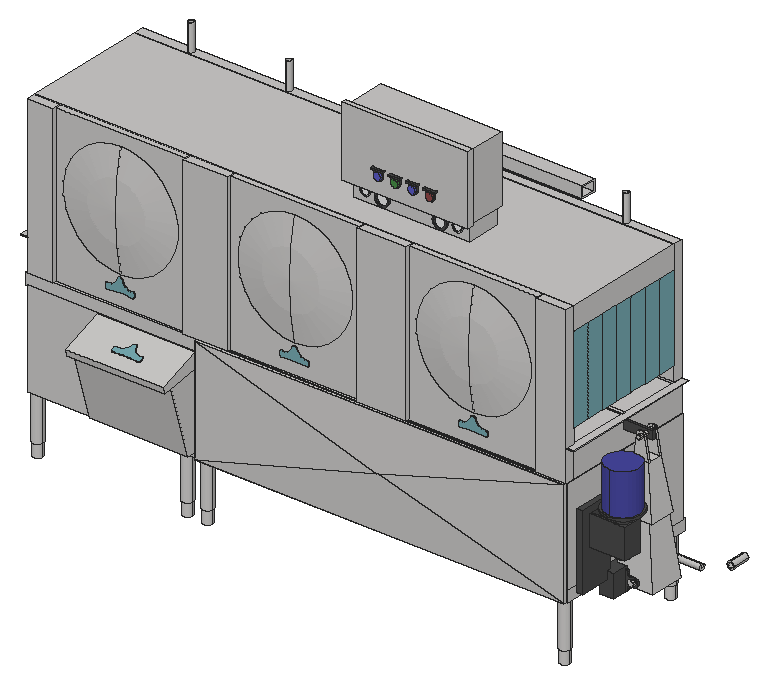
Revit family
Parameters (values of type "208/60/3")
  Width = 7' - 9 1/2"  # constant formula
  Weight in Pounds = 1750
  Watermarked By = "http://revitwatermark.com"
  Waste Water Discharge Temperature [instance] = -459.67 °F
  Volts = 208 V
  Ventilation Remarks [instance] = ""
  URL Cutsheet = ""
  URL = "www.stero.com"
  Total Height = 5' - 10 1/2"
  Table Height = 2' - 10"
  Swing Doors [instance] = no
  Steam Supply Volume [instance] = 0.00 GPM
  Steam Supply Size = 1"
  Steam Supply RI Height [instance] = 0' - 0"
  Steam Supply Minimum Pressure = 15.00 psi
  Steam Supply Maximum Pressure = 40.00 psi
  Steam Supply Connection Height = 0' - 10"
  Steam Pounds per Hour = 140
  Status [instance] = ""
  Standard Doors [instance] = not(Swing Doors)  # yes
  Specification by User [instance] = ""
  Specification by Manufacturer = ""
  Single Door Opening [instance] = if(Swing Doors, 2' 0", 1' 10 1/2")  # 1' - 10 1/2"
  Serial Number [instance] = ""
  Seismic Rating [instance] = ""
  SMACNA No [instance] = ""
  Right Ventilation Remarks [instance] = ""
  Right Vent [instance] = no
  Right Exhaust Volume [instance] = if(Right Vent, 400 CFM, 0 CFM)  # 0 CFM
  Right Exhaust Vent Width = 0' - 3 7/8"
  Right Exhaust Vent Text = "Vent, Unload End"
  Right Exhaust Vent Depth = 2' - 0 7/8"
  Right Exhaust Static Press = 0.00 in-wg
  Right Exhaust RI Height [instance] = 0' - 0"
  Right Exhaust Item Number [instance] = "-"
  Right Drain [instance] = no
  Revision Code [instance] = ""
  Plumbing Remarks [instance] = ""
  Plumbing Connection Type [instance] = ""
  Phase = 3
  Number of Poles [instance] = 1
  NAFEM Spec ID Number [instance] = ""
  Model = "ER-94S"
  Mechanical Remarks [instance] = ""
  Mechanical Connection Type [instance] = ""
  Masterspec = ""
  Manufacturer = "Stero"
  Machine Height = 4' - 7 1/2"
  Left Vent [instance] = no
  Left Drain [instance] = not(Right Drain)  # yes
  Item Number [instance] = "-"
  Installed By [instance] = ""
  Indirect Waste Size = 2"
  Indirect Waste Flow [instance] = 0.00 GPM
  Indirect Waste Connection Type [instance] = ""
  Indirect Waste Connection Height = 0' - 6"
  Hot Water Usage Rack = "- Gal/Rack"
  Hot Water Usage = "120.6 GPH"
  Hot Water Temperature = 180 °F
  Hot Water Size = 3/4"
  Hot Water RI Height [instance] = 0' - 0"
  Hot Water Minimum Pressure = 20.00 psi
  Hot Water Maximum Pressure = 20.00 psi
  Hot Water Flow = 2.01 GPM
  Hot Water Consumption = 2.01 GPM
  Hot Water Connection Height = 5' - 0"
  HP = "5.25"
  Furnished By [instance] = ""
  Foodservice Equipment Identifier [instance] = yes
  FL Amps = 17.9 A
  Exhaust Volume [instance] = if(Left Vent, 200 CFM, 0 CFM)  # 0 CFM
  Exhaust Vent Width = 0' - 3 7/8"
  Exhaust Vent Text = "Vent, Load End"
  Exhaust Vent Depth = 2' - 0 7/8"
  Exhaust Static Press = 0.00 in-wg
  Exhaust RI Height [instance] = 0' - 0"
  Electrical Remarks [instance] = ""
  Electric Connection Type [instance] = ""
  Elec Conn RI Height [instance] = 0' - 0"
  Elec Conn Connection Height = 5' - 8 1/2"
  Description = "Dishwasher, Conveyor"
  Depth = 2' - 1"
  Cycle = 60 Hz
  Conn Conduit = yes
  Condensate Return Size = 3/4"
  Condensate Return RI Height [instance] = 0' - 0"
  Condensate Return Connection Height = 0' - 8"
  Cold Water Temperature Recommended [instance] = -459.67 °F
  Cold Water Size = 3/4"
  Cold Water RI Height [instance] = 0' - 0"
  Cold Water Minimum Pressure [instance] = 0.00 psi
  Cold Water Maximum Pressure [instance] = 0.00 psi
  Cold Water Flow [instance] = 0.00 GPM
  Cold Water Consumption [instance] = ""
  Cold Water Connection Height = 5' - 0"
  CSI MasterFormat = "11 48 13"
  Building Plumbing Remarks [instance] = ""
  Building Hot Water Temperature = 140 °F
  Building Hot Water Size = 3/4"
  Building Hot Water RI Height [instance] = 0' - 0"
  Building Hot Water Minimum Pressure [instance] = 20.00 psi
  Building Hot Water Maximum Pressure [instance] = 20.00 psi
  Building Hot Water Flow [instance] = 0.00 GPM
  Building Hot Water Consumption [instance] = 2.00 GPM
  Building Hot Water Connection Height = 5' - 0"
  Building HW Item Number [instance] = "-"
  Assembly Code = "E1090320"
  Apparent Power = if(Phase = 3, Volts * FL Amps * 1.73, Volts * FL Amps)  # 6441.14 VA
Reference planes (in)
  plane 1: z = 0
  plane 2 "Left of Main Body": x = 2.32772
  plane 3 "BACK": y = -48
  plane 4 "TOP": z = 70.5
  plane 5 "RIGHT": x = 66.32772
  plane 6 "FRONT": y = -73
  plane 7 "Right of Top": x = 66.07772
  plane 8 "Right of Ledge": x = 67.57772
  plane 9 "Right End Cowl": x = 76.32772
  plane 10: x = 69.39022
  plane 11 "Bottom of Machine": z = 10
  plane 12 "Table Height": z = 34
  plane 13 "Top of Machine": z = 55.5
  plane 14 "Panel Top": z = 28.5
  plane 15: z = 12
  plane 16: y = -73.5
  plane 17: y = -47.5
  plane 18: x = 2.07772
  plane 19: x = 66.57772
  plane 20: y = -49.625
  plane 21: y = -71.375
  plane 22 "Door Center": x = 34.32772
  plane 23: x = 7.57772
  plane 24: x = 30.07772
  plane 25 "Top of Opening": z = 51.5
  plane 26: z = 2.25
  plane 27: x = 24.32772
  plane 28: x = 44.32772
  plane 29: x = 23.32772
  plane 30: x = 45.32772
  plane 31 "Front of Lower Panel": y = -66.5
  plane 32: y = -60.5
  plane 33: y = -67
  plane 34 "Back of Panel": y = -60
  plane 35 "Front of Upper Panel": y = -68
  plane 36: x = 23.82772
  plane 37: x = 44.82772
  plane 38: x = 76.20272
  plane 39: x = 73.26522
  plane 40: y = -48.0625
  plane 41: y = -72.9375
  plane 42 "Top of Vents": z = 59.5
  plane 43: x = 19.82772
  plane 44: x = 48.82772
  plane 45: y = -45
  plane 46: z = 57.5
  plane 47: y = -43
  plane 48: z = 84.5
  plane 49: x = 38.57772
  plane 50: x = 61.07772
  plane 51: x = -37.17228
  plane 52: x = -30.23478
  plane 53: x = -37.04728
  plane 54: x = -34.10978
  plane 55 "LEFT": x = -27.17228
  plane 56: x = -26.92228
  plane 57: x = -28.42228
  plane 58: x = -27.42228
  plane 59: x = -0.20185
  plane 60: x = -22.70185
  plane 61: x = -14.92228
  plane 62: x = 72.32772
  plane 63: x = 77.32772
  plane 64: z = 8
  plane 65 "Drain": y = -51
  plane 66: x = 7.82772
  plane 67: x = -22.45185
  plane 68: x = 29.95272
  plane 69: x = -0.32685
  plane 70: x = 28.64022
  plane 71: x = -1.63935
  plane 72: x = 38.70272
  plane 73: x = 40.01522
  plane 74: x = 60.82772
Forms (in)
  Extrusion 1, solid, material "QF_Finishes_Stainless Steel"
    sketch origin (0, 0, 10) x (0, 1, 0) y (-1, 0, 0)
      loop
        line (-47.5, -2.07772) -> (-73, -2.07772) -> (-73, -66.57772) -> (-47.5, -66.57772) -> (-47.5, -2.07772)
    from 0 to 2
  Extrusion 2, solid, material "QF_Finishes_Stainless Steel"
    sketch origin (0, 0, 28.5) x (0, 1, 0) y (-1, 0, 0)
      loop
        line (-48, -2.32772) -> (-73, -2.32772) -> (-73, -66.57772) -> (-48, -66.57772) -> (-48, -2.32772)
    from 0 to -16.5
  Extrusion 3, solid, material "QF_Finishes_Stainless Steel"
    sketch origin (-22, 0, 34) x (0, 1, 0) y (-1, 0, 0)
      loop
        line (-48, 5.17228) -> (-48, 6.42228) -> (-73, 6.42228) -> (-73, 5.17228) -> (-48, 5.17228)
    from 0 to -0.125
  Extrusion 4, solid, material "QF_Finishes_Stainless Steel"
    sketch origin (0, 0, 34) x (0, 1, 0) y (-1, 0, 0)
      loop
        line (-48, -66.32772) -> (-73, -66.32772) -> (-73, -67.57772) -> (-48, -67.57772) -> (-48, -66.32772)
    from 0 to -0.125
  Extrusion 5, solid, material "QF_Finishes_Stainless Steel"
    sketch origin (0, 0, 34) x (0, 1, 0) y (-1, 0, 0)
      loop
        line (-48, 27.17228) -> (-71.375, 27.17228) -> (-71.375, -66.32772) -> (-48, -66.32772) -> (-48, 27.17228)
    from -0.25 to -5.5
  Extrusion 6, solid, material "QF_Finishes_Stainless Steel"
    sketch origin (0, 0, 34) x (0, 1, 0) y (-1, 0, 0)
      loop
        line (-60.25, 27.17228) -> (-60.75, 27.17228) -> (-60.75, -66.32772) -> (-60.25, -66.32772) -> (-60.25, 27.17228)
      loop
        line (-48, 27.17228) -> (-49.625, 27.17228) -> (-49.625, -66.32772) -> (-48, -66.32772) -> (-48, 27.17228)
    from 0 to -0.25
  Extrusion 7, solid, material "QF_Finishes_Stainless Steel"
    sketch origin (0, 0, 55.5) x (0, 1, 0) y (-1, 0, 0)
      loop
        line (-49.625, 27.17228) -> (-71.375, 27.17228) -> (-71.375, -66.32772) -> (-49.625, -66.32772) -> (-49.625, 27.17228)
    from 0 to -4
  Extrusion 8, solid, material "QF_Finishes_Stainless Steel"
    sketch origin (0, 0, 55.5) x (0, 1, 0) y (-1, 0, 0)
      loop
        line (-48, 27.17228) -> (-49.625, 27.17228) -> (-49.625, -66.32772) -> (-48, -66.32772) -> (-48, 27.17228)
    from 0 to -21.5
  Extrusion 9, solid, material "QF_Finishes_Stainless Steel"
    sketch origin (0, -73, 0) x (-1, 0, 0) y (0, 0, 1)
      loop
        line (0.20185, 55.5) -> (-7.57772, 55.5) -> (-7.57772, 28.5) -> (0.20185, 28.5) -> (0.20185, 55.5)
    from 0 to 1.625
  Blend 10, solid, material "QF_Finishes_Stainless Steel"
    base sketch origin (-15.01335, -74, 48) x (-1, 0, 0) y (0, 0, 1)
      loop
        line (-17.34107, -19.5) -> (-81.34107, -19.5) -> (-81.34107, -38) -> (-17.34107, -38) -> (-17.34107, -19.5)
    top sketch origin (-15.01335, -74, 48) x (-1, 0, 0) y (0, 0, 1)
      loop
        line (-49.37232, -28.71875) -> (-49.37232, -28.78125) -> (-49.30982, -28.78125) -> (-49.30982, -28.71875) -> (-49.37232, -28.71875)
    from 0.5 to 0
  Extrusion 11, solid, material "QF_Finishes_Stainless Steel"
    sketch origin (0, 0, 10) x (0, 1, 0) y (-1, 0, 0)
      loop
        line (-73, -2.32772) -> (-73.5, -2.32772) -> (-73.5, -66.32772) -> (-73, -66.32772) -> (-73, -2.32772)
    from 0 to 18.5
  Extrusion 12, solid, material "QF_Finishes_Stainless Steel"
    sketch origin (0, -73, 0) x (-1, 0, 0) y (0, 0, 1)
      loop
        line (-61.07772, 55.5) -> (-66.32772, 55.5) -> (-66.32772, 28.5) -> (-61.07772, 28.5) -> (-61.07772, 55.5)
    from 0 to 1.625
  Extrusion 13, solid, material "QF_Finishes_Stainless Steel", visible <- "Standard Doors"
    sketch origin (-15.5, 0, 55.5) x (0, 1, 0) y (-1, 0, 0)
      loop
        line (-71.375, -23.07772) -> (-72.5, -23.07772) -> (-72.5, -45.57772) -> (-71.375, -45.57772) -> (-71.375, -23.07772)
    from 0 to -27
  Extrusion 14, solid, material "QF_Finishes_Stainless Steel"
    sketch origin (0, 0, 0) x (1, 0, 0) y (0, 1, 0)
      loop
        circle (3.32772, -49) r 0.8125
    from 0 to 2.25
  Extrusion 15, solid, material "QF_Finishes_Stainless Steel"
    sketch origin (0, 0, 0) x (1, 0, 0) y (0, 1, 0)
      loop
        circle (3.32772, -49) r 0.9375
    from 2.25 to 10
  Extrusion 16, solid, material "QF_Finishes_Stainless Steel"
    sketch origin (48.65544, 0, 0) x (-1, 0, 0) y (0, -1, 0)
      loop
        circle (-16.67228, 49) r 0.8125
    from 0 to 2.25
  Extrusion 17, solid, material "QF_Finishes_Stainless Steel"
    sketch origin (48.65544, 0, 0) x (-1, 0, 0) y (0, -1, 0)
      loop
        circle (-16.67228, 49) r 0.9375
    from 2.25 to 10
  Extrusion 18, solid, material "QF_Finishes_Stainless Steel"
    sketch origin (0, -121, 0) x (1, 0, 0) y (0, 1, 0)
      loop
        circle (3.32772, 49) r 0.8125
    from 0 to 2.25
  Extrusion 19, solid, material "QF_Finishes_Stainless Steel"
    sketch origin (0, -121, 0) x (1, 0, 0) y (0, 1, 0)
      loop
        circle (3.32772, 49) r 0.9375
    from 2.25 to 10
  Extrusion 20, solid, material "QF_Finishes_Stainless Steel"
    sketch origin (48.65544, -121, 0) x (-1, 0, 0) y (0, -1, 0)
      loop
        circle (-16.67228, -49) r 0.8125
    from 0 to 2.25
  Extrusion 21, solid, material "QF_Finishes_Stainless Steel"
    sketch origin (48.65544, -121, 0) x (-1, 0, 0) y (0, -1, 0)
      loop
        circle (-16.67228, -49) r 0.9375
    from 2.25 to 10
  Extrusion 22, solid, material "QF_Finishes_Light Blue"
    sketch origin (0, 0, 51.5) x (0, 1, 0) y (-1, 0, 0)
      loop
        line (-49.625, -66.32772) -> (-49.625, -66.20272) -> (-52.625, -66.20272) -> (-52.625, -66.32772) -> (-49.625, -66.32772)
      loop
        line (-52.75, -66.32772) -> (-52.75, -66.20272) -> (-55.75, -66.20272) -> (-55.75, -66.32772) -> (-52.75, -66.32772)
      loop
        line (-55.875, -66.32772) -> (-55.875, -66.20272) -> (-58.875, -66.20272) -> (-58.875, -66.32772) -> (-55.875, -66.32772)
      loop
        line (-59, -66.32772) -> (-59, -66.20272) -> (-62, -66.20272) -> (-62, -66.32772) -> (-59, -66.32772)
      loop
        line (-62.125, -66.32772) -> (-62.125, -66.20272) -> (-65.125, -66.20272) -> (-65.125, -66.32772) -> (-62.125, -66.32772)
      loop
        line (-65.25, -66.32772) -> (-65.25, -66.20272) -> (-68.25, -66.20272) -> (-68.25, -66.32772) -> (-65.25, -66.32772)
      loop
        line (-68.375, -66.32772) -> (-68.375, -66.20272) -> (-71.375, -66.20272) -> (-71.375, -66.32772) -> (-68.375, -66.32772)
    from 0 to -15
  Extrusion 23, solid, material "QF_Finishes_Light Blue"
    sketch origin (26.65544, 0, 51.5) x (0, 1, 0) y (-1, 0, 0)
      loop
        line (-49.625, 53.82772) -> (-52.625, 53.82772) -> (-52.625, 53.70272) -> (-49.625, 53.70272) -> (-49.625, 53.82772)
      loop
        line (-52.75, 53.82772) -> (-55.75, 53.82772) -> (-55.75, 53.70272) -> (-52.75, 53.70272) -> (-52.75, 53.82772)
      loop
        line (-55.875, 53.82772) -> (-58.875, 53.82772) -> (-58.875, 53.70272) -> (-55.875, 53.70272) -> (-55.875, 53.82772)
      loop
        line (-59, 53.82772) -> (-62, 53.82772) -> (-62, 53.70272) -> (-59, 53.70272) -> (-59, 53.82772)
      loop
        line (-62.125, 53.82772) -> (-65.125, 53.82772) -> (-65.125, 53.70272) -> (-62.125, 53.70272) -> (-62.125, 53.82772)
      loop
        line (-65.25, 53.82772) -> (-68.25, 53.82772) -> (-68.25, 53.70272) -> (-65.25, 53.70272) -> (-65.25, 53.82772)
      loop
        line (-68.375, 53.82772) -> (-71.375, 53.82772) -> (-71.375, 53.70272) -> (-68.375, 53.70272) -> (-68.375, 53.82772)
    from 0 to -15
  Extrusion 24, solid, material "QF_Finishes_Stainless Steel"
    sketch origin (0, 0, 55.5) x (0, 1, 0) y (-1, 0, 0)
      loop
        line (-60.5, -24.32772) -> (-66.5, -24.32772) -> (-66.5, -44.32772) -> (-60.5, -44.32772) -> (-60.5, -24.32772)
    from 0 to 3.5
  Extrusion 25, solid, material "QF_Finishes_Stainless Steel"
    sketch origin (0, 0, 55.5) x (0, 1, 0) y (-1, 0, 0)
      loop
        line (-60, -23.82772) -> (-67, -23.82772) -> (-67, -44.82772) -> (-60, -44.82772) -> (-60, -23.82772)
    from 3 to 14.5
  Extrusion 26, solid, material "QF_Finishes_Stainless Steel"
    sketch origin (0, 0, 55.5) x (0, 1, 0) y (-1, 0, 0)
      loop
        line (-67, -23.32772) -> (-68, -23.32772) -> (-68, -45.32772) -> (-67, -45.32772) -> (-67, -23.32772)
    from 3 to 15
  Extrusion 27, solid, material "QF_Finishes_Black"
    sketch origin (0, -66.5, 0) x (-1, 0, 0) y (0, 0, 1)
      loop
        circle (-29.32772, 57) r 1.25
      loop
        circle (-29.32772, 57) r 1
    from 0 to -0.25
  Extrusion 28, solid, material "QF_Finishes_Stainless Steel"
    sketch origin (0, -66.5, 0) x (-1, 0, 0) y (0, 0, 1)
      loop
        circle (-26.32772, 57.25) r 0.75
      loop
        circle (-26.32772, 57.25) r 0.875
    from 0 to -0.125
  Extrusion 29, solid, material "QF_Finishes_White"
    sketch origin (0, -66.5, 0) x (-1, 0, 0) y (0, 0, 1)
      loop
        circle (-26.32772, 57.25) r 0.75
    from 0 to -0.0625
  Extrusion 30, solid, material "QF_Finishes_White"
    sketch origin (0, -66.5, 0) x (-1, 0, 0) y (0, 0, 1)
      loop
        circle (-29.32772, 57) r 1
    from 0 to -0.0625
  Extrusion 31, solid, material "QF_Finishes_Black"
    sketch origin (48.65544, -66.5, 0) x (1, 0, 0) y (0, 0, -1)
      loop
        circle (-9.32772, -57) r 1.25
      loop
        circle (-9.32772, -57) r 1
    from 0 to -0.25
  Extrusion 32, solid, material "QF_Finishes_Stainless Steel"
    sketch origin (48.65544, -66.5, 0) x (1, 0, 0) y (0, 0, -1)
      loop
        circle (-6.32772, -57.25) r 0.75
      loop
        circle (-6.32772, -57.25) r 0.875
    from 0 to -0.125
  Extrusion 33, solid, material "QF_Finishes_White"
    sketch origin (48.65544, -66.5, 0) x (1, 0, 0) y (0, 0, -1)
      loop
        circle (-6.32772, -57.25) r 0.75
    from 0 to -0.0625
  Extrusion 34, solid, material "QF_Finishes_White"
    sketch origin (48.65544, -66.5, 0) x (1, 0, 0) y (0, 0, -1)
      loop
        circle (-9.32772, -57) r 1
    from 0 to -0.0625
  Extrusion 35, solid, material "QF_Finishes_Black"
    sketch origin (0, -68, 0) x (-1, 0, 0) y (0, 0, 1)
      loop
        line (-33.82772, 62.5) -> (-33.82772, 62.25) -> (-31.82772, 62.25) -> (-31.82772, 62.5) -> (-33.82772, 62.5)
      loop
        line (-30.82772, 62.5) -> (-30.82772, 62.25) -> (-28.82772, 62.25) -> (-28.82772, 62.5) -> (-30.82772, 62.5)
      loop
        line (-34.82772, 62.5) -> (-36.82772, 62.5) -> (-36.82772, 62.25) -> (-34.82772, 62.25) -> (-34.82772, 62.5)
      loop
        line (-37.82772, 62.5) -> (-39.82772, 62.5) -> (-39.82772, 62.25) -> (-37.82772, 62.25) -> (-37.82772, 62.5)
    from 0 to -0.5
  Extrusion 36, solid, material "QF_Finishes_Navy Blue"
    sketch origin (0, -68, 0) x (-1, 0, 0) y (0, 0, 1)
      loop
        circle (-29.82772, 61.375) r 0.625
    from -0.125 to -0.375
  Extrusion 37, solid, material "QF_Finishes_LED Green"
    sketch origin (3, -68, 0) x (-1, 0, 0) y (0, 0, 1)
      loop
        circle (-29.82772, 61.375) r 0.625
    from -0.125 to -0.375
  Extrusion 38, solid, material "QF_Finishes_Navy Blue"
    sketch origin (6, -68, 0) x (-1, 0, 0) y (0, 0, 1)
      loop
        circle (-29.82772, 61.375) r 0.625
    from -0.125 to -0.375
  Extrusion 39, solid, material "QF_Finishes_LED Red"
    sketch origin (9, -68, 0) x (-1, 0, 0) y (0, 0, 1)
      loop
        circle (-29.82772, 61.375) r 0.625
    from -0.125 to -0.375
  Extrusion 40, solid, material "QF_Finishes_Black"
    sketch origin (0, -68, 0) x (-1, 0, 0) y (0, 0, 1)
      loop
        arc (-30.57772, 61.375) -> (-29.82772, 60.625) -> (-29.07772, 61.375) r 0.75
        line (-29.07772, 61.375) -> (-29.07772, 62.25) -> (-30.57772, 62.25) -> (-30.57772, 61.375)
      loop
        arc (-33.57772, 61.375) -> (-32.82772, 60.625) -> (-32.07772, 61.375) r 0.75
        line (-32.07772, 61.375) -> (-32.07772, 62.25) -> (-33.57772, 62.25) -> (-33.57772, 61.375)
      loop
        arc (-36.57772, 61.375) -> (-35.82772, 60.625) -> (-35.07772, 61.375) r 0.75
        line (-35.07772, 61.375) -> (-35.07772, 62.25) -> (-36.57772, 62.25) -> (-36.57772, 61.375)
      loop
        arc (-39.57772, 61.375) -> (-38.82772, 60.625) -> (-38.07772, 61.375) r 0.75
        line (-38.07772, 61.375) -> (-38.07772, 62.25) -> (-39.57772, 62.25) -> (-39.57772, 61.375)
    from 0 to -0.125
  Extrusion 41, solid, material "QF_Finishes_Light Blue", visible <- "Standard Doors"
    sketch origin (-15.5, -73, 0) x (-1, 0, 0) y (0, 0, 1)
      loop
        line (-33.71645, 30.65632) -> (-32.08461, 30.57309)
        arc (-32.08461, 30.57309) -> (-31.90443, 30.64773) -> (-31.82979, 30.82792) r 0.25483
        line (-31.82979, 30.82792) -> (-31.82979, 31.31285)
        arc (-31.82979, 31.31285) -> (-31.90343, 31.49062) -> (-32.08121, 31.56426) r 0.25142
        arc (-32.08121, 31.56426) -> (-33.22593, 31.7803) -> (-33.90311, 32.72819) r 1.56264
        arc (-33.90311, 32.72819) -> (-34.31726, 33.06213) -> (-34.74741, 32.74907) r 0.43733
        arc (-34.74741, 32.74907) -> (-35.42049, 31.78611) -> (-36.57423, 31.56426) r 1.56264
        arc (-36.57423, 31.56426) -> (-36.75201, 31.49062) -> (-36.82565, 31.31285) r 0.25142
        line (-36.82565, 31.31285) -> (-36.82565, 30.82792)
        arc (-36.82565, 30.82792) -> (-36.75101, 30.64773) -> (-36.57082, 30.57309) r 0.25483
        line (-36.57082, 30.57309) -> (-34.93898, 30.65632)
        arc (-34.93898, 30.65632) -> (-34.32772, 30.6719) -> (-33.71645, 30.65632) r 12
    from 0.5 to 0.4375
  Extrusion 42, solid, material "QF_Finishes_Stainless Steel", visible <- "Right Vent"
    sketch origin (66.07772, 0, 0) x (0, -1, 0) y (0, 0, 1)
      loop
        line (73, 55.5) -> (48, 55.5) -> (48, 50.5625) -> (49.625, 48.9375) -> (49.625, 49.11428) -> (48.125, 50.61428) -> (48.125, 55.375) -> (72.875, 55.375) -> (72.875, 39.17678) -> (71.375, 37.67678) -> (71.375, 37.5) -> (73, 39.125) -> (73, 55.5)
    from -0.25 to -10.125
  Extrusion 43, solid, material "QF_Finishes_Stainless Steel", visible <- "Right Vent"
    sketch origin (76.32772, 0, 0) x (0, 1, 0) y (0, 0, 1)
      loop
        line (-71.375, 37.5) -> (-71.375, 51.5) -> (-49.625, 51.5) -> (-49.625, 48.9375) -> (-48, 50.5625) -> (-48, 55.5) -> (-73, 55.5) -> (-73, 39.125) -> (-71.375, 37.5)
    from 0 to -0.125
  Extrusion 44, solid, material "QF_Finishes_Stainless Steel", visible <- "Right Vent"
    sketch origin (48.65544, 0, 55.5) x (0, 1, 0) y (-1, 0, 0)
      loop
        line (-48.0625, -24.60978) -> (-48.0625, -20.73478) -> (-72.9375, -20.73478) -> (-72.9375, -24.60978) -> (-48.0625, -24.60978)
      loop
        line (-48.1875, -24.48478) -> (-48.1875, -20.85978) -> (-72.8125, -20.85978) -> (-72.8125, -24.48478) -> (-48.1875, -24.48478)
    from 0 to 4
  Extrusion 45, void
    sketch origin (0, 0, 55.5) x (0, 1, 0) y (-1, 0, 0)
      loop
        line (-48.1875, -69.51522) -> (-72.8125, -69.51522) -> (-72.8125, -73.14022) -> (-48.1875, -73.14022) -> (-48.1875, -69.51522)
    from 0 to -0.125
  Extrusion 46, solid, material "QF_Finishes_Black"
    sketch origin (0, -73, 0) x (-1, 0, 0) y (0, 0, 1)
      loop
        line (-66.57772, 12) -> (-66.32772, 12) -> (-66.32772, 23.9375) -> (-67.70272, 23.9375) -> (-67.70272, 10.9375) -> (-66.57772, 10.9375) -> (-66.57772, 12)
    from 1.8125 to 7.8125
  Extrusion 47, solid, material "QF_Finishes_Black"
    sketch origin (0, 0, 10) x (0, 1, 0) y (-1, 0, 0)
      loop
        line (-66.875, -72.32772) -> (-66.875, -67.95272) -> (-69.5, -67.95272) -> (-69.5, -72.32772)
        arc (-69.5, -72.32772) -> (-68.1875, -71.01522) -> (-66.875, -72.32772) r 1.3125
      loop
        line (-69.75, -73.95272) -> (-66.625, -73.95272) -> (-66.625, -67.70272) -> (-69.75, -67.70272) -> (-69.75, -73.95272)
    from 7.6875 to 12.9375
  Extrusion 48, solid, material "QF_Finishes_Black"
    sketch origin (0, 0, 10) x (0, 1, 0) y (-1, 0, 0)
      loop
        circle (-68.1875, -72.32772) r 1.0625
    from 7.1875 to 7.6875
  Extrusion 49, solid, material "QF_Finishes_Black"
    sketch origin (0, 0, 10) x (0, 1, 0) y (-1, 0, 0)
      loop
        circle (-68.1875, -72.32772) r 1.3125
    from 12.9375 to 13.4375
  Blend 50, solid, material "QF_Finishes_Black"
    base sketch origin (0, 0, 10) x (0, 1, 0) y (-1, 0, 0)
      loop
        circle (-68.1875, -72.32772) r 1.3125
    top sketch origin (0, 0, 10) x (0, 1, 0) y (-1, 0, 0)
      loop
        circle (-68.1875, -72.32772) r 2.0625
    from 13.4375 to 14.4375
  Extrusion 51, solid, material "QF_Finishes_Black"
    sketch origin (0, 0, 10) x (0, 1, 0) y (-1, 0, 0)
      loop
        circle (-68.1875, -72.32772) r 3.25
    from 14.4375 to 14.8125
  Extrusion 52, solid, material "QF_Finishes_Blue"
    sketch origin (0, 0, 10) x (0, 1, 0) y (-1, 0, 0)
      loop
        circle (-68.1875, -72.32772) r 2.875
    from 14.8125 to 21.9375
  Extrusion 53, solid, material "QF_Finishes_Black"
    sketch origin (0, -73, 0) x (-1, 0, 0) y (0, 0, 1)
      loop
        line (-66.32772, 33.1875) -> (-71.57772, 33.1875) -> (-71.57772, 31.6875) -> (-66.32772, 31.6875) -> (-66.32772, 33.1875)
      loop
        circle (-70.57772, 32.4375) r 0.375
    from 12.3125 to 12.6875
  Extrusion 54, solid, material "QF_Finishes_Black"
    sketch origin (0, -73, 0) x (-1, 0, 0) y (0, 0, 1)
      loop
        line (-66.32772, 12) -> (-66.32772, 12.4375) -> (-69.07772, 12.4375) -> (-69.07772, 8.4375) -> (-66.57772, 8.4375) -> (-66.57772, 12) -> (-66.32772, 12)
    from 7 to 18
  Extrusion 55, solid, material "QF_Finishes_Black"
    sketch origin (0, -73, 0) x (-1, 0, 0) y (0, 0, 1)
      loop
        line (-69.07772, 12.125) -> (-69.32772, 12.125)
        arc (-69.32772, 12.125) -> (-69.5045, 12.05178) -> (-69.57772, 11.875) r 0.25
        line (-69.57772, 11.875) -> (-69.57772, 11.5625)
        arc (-69.57772, 11.5625) -> (-69.68755, 11.29733) -> (-69.95272, 11.1875) r 0.375
        line (-69.95272, 11.1875) -> (-70.57772, 11.1875)
        arc (-70.57772, 11.1875) -> (-71.32772, 10.4375) -> (-70.57772, 9.6875) r 0.75
        line (-70.57772, 9.6875) -> (-69.95272, 9.6875)
        arc (-69.95272, 9.6875) -> (-69.68755, 9.57767) -> (-69.57772, 9.3125) r 0.375
        line (-69.57772, 9.3125) -> (-69.57772, 9)
        arc (-69.57772, 9) -> (-69.5045, 8.82322) -> (-69.32772, 8.75) r 0.25
        line (-69.32772, 8.75) -> (-69.07772, 8.75) -> (-69.07772, 12.125)
      loop
        circle (-70.57772, 10.4375) r 0.5
    from 9.375 to 9.5
  Extrusion 56, solid, material "QF_Finishes_Black"
    sketch origin (0, -66.875, 0) x (-1, 0, 0) y (0, 0, 1)
      loop
        line (-69.07772, 12.125) -> (-69.32772, 12.125)
        arc (-69.32772, 12.125) -> (-69.5045, 12.05178) -> (-69.57772, 11.875) r 0.25
        line (-69.57772, 11.875) -> (-69.57772, 11.5625)
        arc (-69.57772, 11.5625) -> (-69.68755, 11.29733) -> (-69.95272, 11.1875) r 0.375
        line (-69.95272, 11.1875) -> (-70.57772, 11.1875)
        arc (-70.57772, 11.1875) -> (-71.32772, 10.4375) -> (-70.57772, 9.6875) r 0.75
        line (-70.57772, 9.6875) -> (-69.95272, 9.6875)
        arc (-69.95272, 9.6875) -> (-69.68755, 9.57767) -> (-69.57772, 9.3125) r 0.375
        line (-69.57772, 9.3125) -> (-69.57772, 9)
        arc (-69.57772, 9) -> (-69.5045, 8.82322) -> (-69.32772, 8.75) r 0.25
        line (-69.32772, 8.75) -> (-69.07772, 8.75) -> (-69.07772, 12.125)
      loop
        circle (-70.57772, 10.4375) r 0.5
    from 9.375 to 9.5
  Extrusion 57, solid, material "QF_Finishes_Stainless Steel"
    sketch origin (0, -73, 0) x (-1, 0, 0) y (0, 0, 1)
      loop
        circle (-70.32772, 32.4375) r 0.375
      loop
        line (-71.06584, 32.57045) -> (-71.76522, 28.6875) -> (-69.14022, 28.6875) -> (-69.5896, 32.57045)
        arc (-69.5896, 32.57045) -> (-70.32772, 33.1875) -> (-71.06584, 32.57045) r 0.75
    from 11.25 to 11.375
  Extrusion 58, solid, material "QF_Finishes_Stainless Steel"
    sketch origin (0, -48, 0) x (-1, 0, 0) y (0, 0, -1)
      loop
        circle (-70.32772, -32.4375) r 0.375
      loop
        arc (-71.06584, -32.57045) -> (-70.32772, -33.1875) -> (-69.5896, -32.57045) r 0.75
        line (-69.5896, -32.57045) -> (-69.14022, -28.6875) -> (-71.76522, -28.6875) -> (-71.06584, -32.57045)
    from 11.25 to 11.375
  Extrusion 59, solid, material "QF_Finishes_Stainless Steel"
    sketch origin (0, -73, 0) x (-1, 0, 0) y (0, 0, 1)
      loop
        circle (-70.32772, 32.4375) r 0.375
    from 10.75 to 14.25
  Blend 60, solid, material "QF_Finishes_Stainless Steel"
    base sketch origin (0, 0, 34) x (0, 1, 0) y (-1, 0, 0)
      loop
        line (-58.25, -67.89022) -> (-62.75, -67.89022) -> (-62.75, -73.01522) -> (-58.25, -73.01522) -> (-58.25, -67.89022)
    top sketch origin (0, 0, 34) x (0, 1, 0) y (-1, 0, 0)
      loop
        line (-59.25, -69.14022) -> (-61.75, -69.14022) -> (-61.75, -71.76522) -> (-59.25, -71.76522) -> (-59.25, -69.14022)
    from -14.0625 to -5.3125
  Blend 61, solid, material "QF_Finishes_Stainless Steel"
    base sketch origin (0, 0, 25.25) x (0, 1, 0) y (-1, 0, 0)
      loop
        line (-57.5, -67.14022) -> (-63.5, -67.14022) -> (-63.5, -73.76522) -> (-57.5, -73.76522) -> (-57.5, -67.14022)
    top sketch origin (0, 0, 25.25) x (0, 1, 0) y (-1, 0, 0)
      loop
        line (-58.5, -68.14022) -> (-62.5, -68.14022) -> (-62.5, -72.51522) -> (-58.5, -72.51522) -> (-58.5, -68.14022)
    from -15.5625 to -5.3125
  Extrusion 62, solid, material "QF_Finishes_Stainless Steel"
    sketch origin (0, -73, -22) x (-1, 0, 0) y (0, 0, 1)
      loop
        circle (-70.32772, 32.4375) r 0.5
    from 9 to 16
  Extrusion 63, solid, material "QF_Finishes_Stainless Steel"
    sketch origin (0, 0, 55.5) x (0, 1, 0) y (-1, 0, 0)
      loop
        circle (-48.75, -57.32772) r 0.375
      loop
        circle (-48.75, -57.32772) r 0.5
    from 0 to 4.5
  Extrusion 64, solid, material "QF_Finishes_Stainless Steel"
    sketch origin (2.32772, 0, 0) x (0, 1, 0) y (0, 0, 1)
      loop
        line (-45, 57.5) -> (-47.75, 57.5) -> (-47.75, 55.5) -> (-45, 55.5) -> (-45, 57.5)
      loop
        line (-45.125, 57.375) -> (-47.625, 57.375) -> (-47.625, 55.625) -> (-45.125, 55.625) -> (-45.125, 57.375)
    from 17.5 to 46.5
  Extrusion 65, solid, material "QF_Finishes_Stainless Steel"
    sketch origin (2.32772, 0, 0) x (0, 1, 0) y (0, 0, 1)
      loop
        line (-47.75, 55.5) -> (-47.75, 55.625) -> (-48, 55.625) -> (-48, 55.5) -> (-47.75, 55.5)
    from 17.5 to 46.5
  Extrusion 66, solid, material "QF_Finishes_Stainless Steel"
    sketch origin (0, -60, 0) x (-1, 0, 0) y (0, 0, 1)
      loop
        circle (-44.32772, 68.5) r 0.25
    from 0 to 0.0625
  Extrusion 67, solid, material "QF_Finishes_Stainless Steel"
    sketch origin (0, -1, 10) x (0, 1, 0) y (-1, 0, 0)
      loop
        circle (-50, -61.32772) r 1
      loop
        circle (-50, -61.32772) r 1.125
    from 0 to -4
  Extrusion 68, solid, material "QF_Finishes_Clearance", detail levels coarse
    sketch origin (0, 0, 0) x (1, 0, 0) y (0, 1, 0)
      loop
        line (-28.42228, -47.5) -> (19.82772, -47.5) -> (19.82772, -45) -> (48.82772, -45) -> (48.82772, -47.5) -> (67.57772, -47.5) -> (67.57772, -43) -> (-28.42228, -43) -> (-28.42228, -47.5)
    from 0 to 70.5
  Extrusion 69, solid, material "QF_Finishes_Clearance", visible <- "Standard Doors", detail levels coarse
    sketch origin (-15.5, -73, 0) x (-1, 0, 0) y (0, 0, 1)
      loop
        line (-23.07772, 84.5) -> (-45.57772, 84.5) -> (-45.57772, 55.5) -> (-23.07772, 55.5) -> (-23.07772, 84.5)
    from 0 to 1.625
  Extrusion 70, solid, material "QF_Finishes_Clearance", visible <- "Right Vent", detail levels coarse
    sketch origin (0, 0, 0) x (1, 0, 0) y (0, 1, 0)
      loop
        line (67.57772, -43) -> (67.57772, -47.5) -> (76.32772, -47.5) -> (76.32772, -43) -> (67.57772, -43)
    from 0 to 70.5
  Revolve 71, solid, material "QF_Finishes_Stainless Steel", visible <- "Standard Doors"
    sketch origin (18.82772, 0, 0) x (0, 1, 0) y (0, 0, 1)
      loop
        line (-72.5, 43.5) -> (-72.5, 53.5)
        arc (-72.5, 53.5) -> (-73.26244, 48.52624) -> (-73.5, 43.5) r 48
        line (-73.5, 43.5) -> (-72.5, 43.5)
      axis (-72.5, 43.5) -> (-73.5, 43.5)
    angle from 0 to 360
  Extrusion 72, solid, material "QF_Finishes_Stainless Steel", visible <- "Standard Doors"
    sketch origin (14.5, 0, 55.5) x (0, 1, 0) y (-1, 0, 0)
      loop
        line (-71.375, -24.07772) -> (-72.5, -24.07772) -> (-72.5, -46.57772) -> (-71.375, -46.57772) -> (-71.375, -24.07772)
    from 0 to -27
  Extrusion 73, solid, material "QF_Finishes_Light Blue", visible <- "Standard Doors"
    sketch origin (15.5, -73, 0) x (-1, 0, 0) y (0, 0, 1)
      loop
        line (-33.71645, 30.65632) -> (-32.08461, 30.57309)
        arc (-32.08461, 30.57309) -> (-31.90443, 30.64773) -> (-31.82979, 30.82792) r 0.25483
        line (-31.82979, 30.82792) -> (-31.82979, 31.31285)
        arc (-31.82979, 31.31285) -> (-31.90343, 31.49062) -> (-32.08121, 31.56426) r 0.25142
        arc (-32.08121, 31.56426) -> (-33.22593, 31.7803) -> (-33.90311, 32.72819) r 1.56264
        arc (-33.90311, 32.72819) -> (-34.31726, 33.06213) -> (-34.74741, 32.74907) r 0.43733
        arc (-34.74741, 32.74907) -> (-35.42049, 31.78611) -> (-36.57423, 31.56426) r 1.56264
        arc (-36.57423, 31.56426) -> (-36.75201, 31.49062) -> (-36.82565, 31.31285) r 0.25142
        line (-36.82565, 31.31285) -> (-36.82565, 30.82792)
        arc (-36.82565, 30.82792) -> (-36.75101, 30.64773) -> (-36.57082, 30.57309) r 0.25483
        line (-36.57082, 30.57309) -> (-34.93898, 30.65632)
        arc (-34.93898, 30.65632) -> (-34.32772, 30.6719) -> (-33.71645, 30.65632) r 12
    from 0.5 to 0.4375
  Extrusion 74, solid, material "QF_Finishes_Clearance", visible <- "Standard Doors", detail levels coarse
    sketch origin (14.5, -73, 0) x (-1, 0, 0) y (0, 0, 1)
      loop
        line (-24.07772, 84.5) -> (-46.57772, 84.5) -> (-46.57772, 55.5) -> (-24.07772, 55.5) -> (-24.07772, 84.5)
    from 0 to 1.625
  Revolve 75, solid, material "QF_Finishes_Stainless Steel", visible <- "Standard Doors"
    sketch origin (49.82772, 0, 0) x (0, 1, 0) y (0, 0, 1)
      loop
        line (-72.5, 43.5) -> (-72.5, 53.5)
        arc (-72.5, 53.5) -> (-73.26244, 48.52624) -> (-73.5, 43.5) r 48
        line (-73.5, 43.5) -> (-72.5, 43.5)
      axis (-72.5, 43.5) -> (-73.5, 43.5)
    angle from 0 to 360
  Extrusion 76, solid, material "QF_Finishes_Stainless Steel"
    sketch origin (-29, -73, 0) x (-1, 0, 0) y (0, 0, 1)
      loop
        line (-59.07772, 55.5) -> (-67.57772, 55.5) -> (-67.57772, 28.5) -> (-59.07772, 28.5) -> (-59.07772, 55.5)
    from 0 to 1.625
  Extrusion 77, solid, material "QF_Finishes_Stainless Steel"
    sketch origin (-44, 0, 55.5) x (0, 1, 0) y (-1, 0, 0)
      loop
        circle (-48.75, -42.82772) r 0.375
      loop
        circle (-48.75, -42.82772) r 0.5
    from 0 to 4.5
  Extrusion 78, solid, material "QF_Finishes_Stainless Steel", visible <- "Right Drain"
    sketch origin (0, -1, 0) x (1, 0, 0) y (0, 1, 0)
      loop
        circle (61.32772, -50) r 1
    from 6 to 6.25
  Extrusion 79, solid, material "QF_Finishes_Stainless Steel", visible <- "Left Vent"
    sketch origin (-27.17228, 0, 0) x (0, 1, 0) y (0, 0, 1)
      loop
        line (-73, 55.5) -> (-73, 39.125) -> (-71.375, 37.5) -> (-71.375, 37.67678) -> (-72.875, 39.17678) -> (-72.875, 55.375) -> (-48.125, 55.375) -> (-48.125, 50.61428) -> (-49.625, 49.11428) -> (-49.625, 48.9375) -> (-48, 50.5625) -> (-48, 55.5) -> (-73, 55.5)
    from 0 to -9.875
  Extrusion 80, solid, material "QF_Finishes_Stainless Steel", visible <- "Left Vent"
    sketch origin (-37.17228, 0, 0) x (0, 1, 0) y (0, 0, 1)
      loop
        line (-71.375, 37.5) -> (-71.375, 51.5) -> (-49.625, 51.5) -> (-49.625, 48.9375) -> (-48, 50.5625) -> (-48, 55.5) -> (-73, 55.5) -> (-73, 39.125) -> (-71.375, 37.5)
    from 0 to 0.125
  Extrusion 81, solid, material "QF_Finishes_Stainless Steel", visible <- "Left Vent"
    sketch origin (-29.75, 0, 55.5) x (0, 1, 0) y (-1, 0, 0)
      loop
        line (-48.0625, 4.35978) -> (-72.9375, 4.35978) -> (-72.9375, 0.48478) -> (-48.0625, 0.48478) -> (-48.0625, 4.35978)
      loop
        line (-48.1875, 4.23478) -> (-72.8125, 4.23478) -> (-72.8125, 0.60978) -> (-48.1875, 0.60978) -> (-48.1875, 4.23478)
    from 0 to 4
  Extrusion 82, solid, material "QF_Finishes_Clearance", visible <- "Left Vent", detail levels coarse
    sketch origin (-29.75, 0, 0) x (1, 0, 0) y (0, 1, 0)
      loop
        line (-7.42228, -43) -> (-7.42228, -47.5) -> (1.32772, -47.5) -> (1.32772, -43) -> (-7.42228, -43)
    from 0 to 70.5
  Extrusion 83, solid, material "QF_Finishes_Stainless Steel", visible <- "Standard Doors"
    sketch origin (-32.65457, 0, 55.5) x (0, 1, 0) y (-1, 0, 0)
      loop
        line (-71.375, -9.95272) -> (-72.5, -9.95272) -> (-72.5, -32.45272) -> (-71.375, -32.45272) -> (-71.375, -9.95272)
    from 0 to -27
  Extrusion 84, solid, material "QF_Finishes_Light Blue", visible <- "Standard Doors"
    sketch origin (-35.76911, -73, 0) x (-1, 0, 0) y (0, 0, 1)
      loop
        line (-23.71645, 30.65632) -> (-22.08461, 30.57309)
        arc (-22.08461, 30.57309) -> (-21.90443, 30.64773) -> (-21.82979, 30.82792) r 0.25483
        line (-21.82979, 30.82792) -> (-21.82979, 31.31285)
        arc (-21.82979, 31.31285) -> (-21.90343, 31.49062) -> (-22.08121, 31.56426) r 0.25142
        arc (-22.08121, 31.56426) -> (-23.22593, 31.7803) -> (-23.90311, 32.72819) r 1.56264
        arc (-23.90311, 32.72819) -> (-24.31726, 33.06213) -> (-24.74741, 32.74907) r 0.43733
        arc (-24.74741, 32.74907) -> (-25.42049, 31.78611) -> (-26.57423, 31.56426) r 1.56264
        arc (-26.57423, 31.56426) -> (-26.75201, 31.49062) -> (-26.82565, 31.31285) r 0.25142
        line (-26.82565, 31.31285) -> (-26.82565, 30.82792)
        arc (-26.82565, 30.82792) -> (-26.75101, 30.64773) -> (-26.57082, 30.57309) r 0.25483
        line (-26.57082, 30.57309) -> (-24.93898, 30.65632)
        arc (-24.93898, 30.65632) -> (-24.32772, 30.6719) -> (-23.71645, 30.65632) r 12
    from 0.5 to 0.4375
  Extrusion 85, solid, material "QF_Finishes_Clearance", visible <- "Standard Doors", detail levels coarse
    sketch origin (-32.65457, -73, 0) x (-1, 0, 0) y (0, 0, 1)
      loop
        line (-9.95272, 84.5) -> (-32.45272, 84.5) -> (-32.45272, 55.5) -> (-9.95272, 55.5) -> (-9.95272, 84.5)
    from 0.5 to 1.625
  Extrusion 86, solid, material "QF_Finishes_Stainless Steel"
    sketch origin (-0.5, -73, 0) x (-1, 0, 0) y (0, 0, 1)
      loop
        line (26.67228, 26.5) -> (-2.57772, 26.5) -> (-2.57772, 10) -> (26.67228, 10) -> (26.67228, 26.5)
    from 0 to 25
  Extrusion 87, solid, material "QF_Finishes_Stainless Steel"
    sketch origin (-11.10978, 0, 0) x (0, 1, 0) y (0, 0, 1)
      loop
        line (-73, 10.9375) -> (-73, 23.75) -> (-78.50369, 23.01085) -> (-74.8125, 10.9375) -> (-73, 10.9375)
    from -3.8125 to 13.1875
  Extrusion 88, solid, material "QF_Finishes_Stainless Steel"
    sketch origin (-11.10978, 0, 0) x (0, 1, 0) y (0, 0, 1)
      loop
        line (-73, 23.75) -> (-73, 26.4375) -> (-80, 23.88971) -> (-79.75188, 22.84321) -> (-73, 23.75)
    from -3.8125 to 13.1875
  Extrusion 89, solid, material "QF_Finishes_Light Blue"
    sketch origin (-29.09375, -106.64897, 14.72237) x (-1, 0, 0) y (0, 0.939693, 0.34202)
      loop
        line (-22.05985, 30.65632) -> (-20.42801, 30.57309)
        arc (-20.42801, 30.57309) -> (-20.24783, 30.64773) -> (-20.17319, 30.82792) r 0.25483
        line (-20.17319, 30.82792) -> (-20.17319, 31.31285)
        arc (-20.17319, 31.31285) -> (-20.24683, 31.49062) -> (-20.4246, 31.56426) r 0.25142
        arc (-20.4246, 31.56426) -> (-21.56933, 31.7803) -> (-22.24651, 32.72819) r 1.56264
        arc (-22.24651, 32.72819) -> (-22.66066, 33.06213) -> (-23.09081, 32.74907) r 0.43733
        arc (-23.09081, 32.74907) -> (-23.76389, 31.78611) -> (-24.91763, 31.56426) r 1.56264
        arc (-24.91763, 31.56426) -> (-25.09541, 31.49062) -> (-25.16905, 31.31285) r 0.25142
        line (-25.16905, 31.31285) -> (-25.16905, 30.82792)
        arc (-25.16905, 30.82792) -> (-25.09441, 30.64773) -> (-24.91422, 30.57309) r 0.25483
        line (-24.91422, 30.57309) -> (-23.28238, 30.65632)
        arc (-23.28238, 30.65632) -> (-22.67112, 30.6719) -> (-22.05985, 30.65632) r 12
    from 0.5 to 0.4375
  Sweep 90, solid, material "QF_Finishes_Stainless Steel"
    path origin (0.03293, -51, 0) x (-1, 0, 0) y (0, 0, 1)
      loop
        line (-61.39022, 8.5) -> (10.85978, 8.5)
        arc (10.85978, 8.5) -> (12.274, 9.08579) -> (12.85978, 10.5) r 2
    profile origin (25.29815, -51, 8.5) x (0, 0, 1) y (0, 1, 0)
      loop
        circle (0, 0) r 1
      loop
        circle (0, 0) r 1.125
  Extrusion 91, solid, material "QF_Finishes_Stainless Steel"
    sketch origin (-20.27957, -1, 10) x (0, 1, 0) y (-1, 0, 0)
      loop
        circle (-50, -14.10729) r 1
      loop
        circle (-50, -14.10729) r 1.125
    from 0 to -4
  Extrusion 92, solid, material "QF_Finishes_Stainless Steel", visible <- "Right Drain"
    sketch origin (0.03293, -1, 0) x (1, 0, 0) y (0, 1, 0)
      loop
        circle (-6.20521, -50) r 1
    from 6 to 6.25
  Extrusion 93, solid, material "QF_Finishes_Stainless Steel"
    sketch origin (-24.02957, -73, 0) x (-1, 0, 0) y (0, 0, 1)
      loop
        line (3.14271, 55.5) -> (-1.32772, 55.5) -> (-1.32772, 28.5) -> (3.14271, 28.5) -> (3.14271, 55.5)
    from 0 to 1.625
  Extrusion 94, solid, material "QF_Finishes_Stainless Steel"
    sketch origin (-22.25, 0, 28.5) x (0, 1, 0) y (-1, 0, 0)
      loop
        line (-48, 5.17228) -> (-73, 5.17228) -> (-73, -24.57772) -> (-48, -24.57772) -> (-48, 5.17228)
    from 0 to -2
  Extrusion 95, void
    sketch origin (-7.5, 0, 55.5) x (0, 1, 0) y (-1, 0, 0)
      loop
        line (-48.1875, 26.48478) -> (-72.8125, 26.48478) -> (-72.8125, 22.85978) -> (-48.1875, 22.85978) -> (-48.1875, 26.48478)
    from 0 to -0.125
  Extrusion 96, solid, material "QF_Finishes_Stainless Steel"
    sketch origin (-69.75, 0, 55.5) x (0, 1, 0) y (-1, 0, 0)
      loop
        circle (-48.75, -51.57772) r 0.375
      loop
        circle (-48.75, -51.57772) r 0.5
    from 0 to 4.5
  Revolve 97, solid, material "QF_Finishes_Stainless Steel", visible <- "Standard Doors"
    sketch origin (-11.45185, 0, 0) x (0, 1, 0) y (0, 0, 1)
      loop
        line (-72.5, 43.5) -> (-72.5, 53.5)
        arc (-72.5, 53.5) -> (-73.26244, 48.52624) -> (-73.5, 43.5) r 48
        line (-73.5, 43.5) -> (-72.5, 43.5)
      axis (-72.5, 43.5) -> (-73.5, 43.5)
    angle from 0 to 360
  Extrusion 98, solid, material "QF_Finishes_Stainless Steel"
    sketch origin (-2, 0, 0) x (1, 0, 0) y (0, 1, 0)
      loop
        circle (1.82772, -49) r 0.8125
    from 0 to 2.25
  Extrusion 99, solid, material "QF_Finishes_Stainless Steel"
    sketch origin (-2, 0, 0) x (1, 0, 0) y (0, 1, 0)
      loop
        circle (1.82772, -49) r 0.9375
    from 2.25 to 10
  Extrusion 100, solid, material "QF_Finishes_Stainless Steel"
    sketch origin (-2, -121, 0) x (1, 0, 0) y (0, 1, 0)
      loop
        circle (1.82772, 49) r 0.8125
    from 0 to 2.25
  Extrusion 101, solid, material "QF_Finishes_Stainless Steel"
    sketch origin (-2, -121, 0) x (1, 0, 0) y (0, 1, 0)
      loop
        circle (1.82772, 49) r 0.9375
    from 2.25 to 10
  Extrusion 102, solid, material "QF_Finishes_Stainless Steel"
    sketch origin (-30, 0, 0) x (1, 0, 0) y (0, 1, 0)
      loop
        circle (3.82772, -49) r 0.8125
    from 0 to 2.25
  Extrusion 103, solid, material "QF_Finishes_Stainless Steel"
    sketch origin (-30, 0, 0) x (1, 0, 0) y (0, 1, 0)
      loop
        circle (3.82772, -49) r 0.9375
    from 2.25 to 10
  Extrusion 104, solid, material "QF_Finishes_Stainless Steel"
    sketch origin (-30, -121, 0) x (1, 0, 0) y (0, 1, 0)
      loop
        circle (3.82772, 49) r 0.8125
    from 0 to 2.25
  Extrusion 105, solid, material "QF_Finishes_Stainless Steel"
    sketch origin (-30, -121, 0) x (1, 0, 0) y (0, 1, 0)
      loop
        circle (3.82772, 49) r 0.9375
    from 2.25 to 10
  Extrusion 106, solid, material "QF_Finishes_Stainless Steel"
    sketch origin (0, -48, 0) x (1, 0, 0) y (0, 0, 1)
      loop
        circle (77.32772, 10) r 0.5
      loop
        circle (77.32772, 10) r 0.625
    from 0 to 3
  Sweep 107, solid, material "QF_Finishes_Stainless Steel"
    path origin (0, -51, 0) x (-1, 0, 0) y (0, 0, 1)
      loop
        line (-72.32772, 8) -> (-66.32772, 8)
        arc (-66.32772, 8) -> (-65.62061, 8.29289) -> (-65.32772, 9) r 1
        line (-65.32772, 9) -> (-65.32772, 10)
    profile origin (69.32772, -51, 8) x (0, 0, 1) y (0, 1, 0)
      loop
        circle (0, 0) r 0.375
      loop
        circle (0, 0) r 0.5
  Extrusion 108, solid, material "QF_Finishes_Black", not visible
    sketch origin (0, -68, 0) x (-1, 0, 0) y (0, 0, 1)
      loop
        line (-33.82772, 62.5) -> (-33.82772, 62.25) -> (-31.82772, 62.25) -> (-31.82772, 62.5) -> (-33.82772, 62.5)
      loop
        line (-30.82772, 62.5) -> (-30.82772, 62.25) -> (-28.82772, 62.25) -> (-28.82772, 62.5) -> (-30.82772, 62.5)
      loop
        line (-34.82772, 62.5) -> (-36.82772, 62.5) -> (-36.82772, 62.25) -> (-34.82772, 62.25) -> (-34.82772, 62.5)
      loop
        line (-37.82772, 62.5) -> (-39.82772, 62.5) -> (-39.82772, 62.25) -> (-37.82772, 62.25) -> (-37.82772, 62.5)
    from 0 to -0.5
  Extrusion 109, solid, material "QF_Finishes_Navy Blue", not visible
    sketch origin (0, -68, 0) x (-1, 0, 0) y (0, 0, 1)
      loop
        circle (-29.82772, 61.375) r 0.625
    from -0.125 to -0.375
  Extrusion 110, solid, material "QF_Finishes_LED Green", not visible
    sketch origin (3, -68, 0) x (-1, 0, 0) y (0, 0, 1)
      loop
        circle (-29.82772, 61.375) r 0.625
    from -0.125 to -0.375
  Extrusion 111, solid, material "QF_Finishes_Navy Blue", not visible
    sketch origin (6, -68, 0) x (-1, 0, 0) y (0, 0, 1)
      loop
        circle (-29.82772, 61.375) r 0.625
    from -0.125 to -0.375
  Extrusion 112, solid, material "QF_Finishes_LED Red", not visible
    sketch origin (9, -68, 0) x (-1, 0, 0) y (0, 0, 1)
      loop
        circle (-29.82772, 61.375) r 0.625
    from -0.125 to -0.375
  Extrusion 113, solid, material "QF_Finishes_Black", not visible
    sketch origin (0, -68, 0) x (-1, 0, 0) y (0, 0, 1)
      loop
        arc (-30.57772, 61.375) -> (-29.82772, 60.625) -> (-29.07772, 61.375) r 0.75
        line (-29.07772, 61.375) -> (-29.07772, 62.25) -> (-30.57772, 62.25) -> (-30.57772, 61.375)
      loop
        arc (-33.57772, 61.375) -> (-32.82772, 60.625) -> (-32.07772, 61.375) r 0.75
        line (-32.07772, 61.375) -> (-32.07772, 62.25) -> (-33.57772, 62.25) -> (-33.57772, 61.375)
      loop
        arc (-36.57772, 61.375) -> (-35.82772, 60.625) -> (-35.07772, 61.375) r 0.75
        line (-35.07772, 61.375) -> (-35.07772, 62.25) -> (-36.57772, 62.25) -> (-36.57772, 61.375)
      loop
        arc (-39.57772, 61.375) -> (-38.82772, 60.625) -> (-38.07772, 61.375) r 0.75
        line (-38.07772, 61.375) -> (-38.07772, 62.25) -> (-39.57772, 62.25) -> (-39.57772, 61.375)
    from 0 to -0.125
  Extrusion 114, solid, material "QF_Finishes_Stainless Steel", not visible
    sketch origin (-11.10978, 0, 0) x (0, 1, 0) y (0, 0, 1)
      loop
        line (-73, 10.9375) -> (-73, 23.75) -> (-78.50369, 23.01085) -> (-74.8125, 10.9375) -> (-73, 10.9375)
    from -3.8125 to 13.1875
  Extrusion 115, solid, material "QF_Finishes_Stainless Steel", not visible
    sketch origin (-11.10978, 0, 0) x (0, 1, 0) y (0, 0, 1)
      loop
        line (-73, 23.75) -> (-73, 26.4375) -> (-80, 23.88971) -> (-79.75188, 22.84321) -> (-73, 23.75)
    from -3.8125 to 13.1875
  Extrusion 116, solid, material "QF_Finishes_Light Blue", not visible
    sketch origin (-29.09375, -106.64897, 14.72237) x (-1, 0, 0) y (0, 0.939693, 0.34202)
      loop
        line (-22.05985, 30.65632) -> (-20.42801, 30.57309)
        arc (-20.42801, 30.57309) -> (-20.24783, 30.64773) -> (-20.17319, 30.82792) r 0.25483
        line (-20.17319, 30.82792) -> (-20.17319, 31.31285)
        arc (-20.17319, 31.31285) -> (-20.24683, 31.49062) -> (-20.4246, 31.56426) r 0.25142
        arc (-20.4246, 31.56426) -> (-21.56933, 31.7803) -> (-22.24651, 32.72819) r 1.56264
        arc (-22.24651, 32.72819) -> (-22.66066, 33.06213) -> (-23.09081, 32.74907) r 0.43733
        arc (-23.09081, 32.74907) -> (-23.76389, 31.78611) -> (-24.91763, 31.56426) r 1.56264
        arc (-24.91763, 31.56426) -> (-25.09541, 31.49062) -> (-25.16905, 31.31285) r 0.25142
        line (-25.16905, 31.31285) -> (-25.16905, 30.82792)
        arc (-25.16905, 30.82792) -> (-25.09441, 30.64773) -> (-24.91422, 30.57309) r 0.25483
        line (-24.91422, 30.57309) -> (-23.28238, 30.65632)
        arc (-23.28238, 30.65632) -> (-22.67112, 30.6719) -> (-22.05985, 30.65632) r 12
    from 0.5 to 0.4375
  Extrusion 117, solid, material "QF_Finishes_Stainless Steel", visible <- "Swing Doors"
    sketch origin (0, 0, 55.5) x (0, 1, 0) y (-1, 0, 0)
      loop
        line (-71.375, 22.45185) -> (-73, 22.45185) -> (-73, 0.32685) -> (-71.375, 0.32685) -> (-71.375, 22.45185)
    from 0 to -27
  Extrusion 118, solid, material "QF_Finishes_Stainless Steel", visible <- "Swing Doors"
    sketch origin (0, 0, 55.5) x (0, 1, 0) y (-1, 0, 0)
      loop
        line (-71.375, -7.82772) -> (-73, -7.82772) -> (-73, -29.95272) -> (-71.375, -29.95272) -> (-71.375, -7.82772)
    from 0 to -27
  Extrusion 119, solid, material "QF_Finishes_Stainless Steel", visible <- "Swing Doors"
    sketch origin (0, 0, 55.5) x (0, 1, 0) y (-1, 0, 0)
      loop
        line (-71.375, -38.70272) -> (-73, -38.70272) -> (-73, -60.82772) -> (-71.375, -60.82772) -> (-71.375, -38.70272)
    from 0 to -27
  Extrusion 120, solid, material "QF_Finishes_Stainless Steel", visible <- "Swing Doors"
    sketch origin (-5.5003, 0.00342, 52.4375) x (0, 1, 0) y (-1, 0, 0)
      loop
        circle (-73.25, -13.07772) r 0.25
    from 0 to -3
  Extrusion 121, solid, material "QF_Finishes_Stainless Steel", visible <- "Swing Doors"
    sketch origin (-5.5003, 0.00342, 35.8125) x (0, 1, 0) y (-1, 0, 0)
      loop
        circle (-73.25, -13.07772) r 0.25
    from 0 to -3
  Sweep 122, solid, material "QF_Finishes_Stainless Steel", visible <- "Swing Doors"
    path origin (28.64022, -19.02724, 48) x (0, 1, 0) y (0, 0, 1)
      loop
        line (-53.96934, -0.9375) -> (-54.59434, -0.9375)
        arc (-54.59434, -0.9375) -> (-54.9479, -1.08395) -> (-55.09434, -1.4375) r 0.5
        line (-55.09434, -1.4375) -> (-55.09434, -9.6875)
        arc (-55.09434, -9.6875) -> (-54.9479, -10.04105) -> (-54.59434, -10.1875) r 0.5
        line (-54.59434, -10.1875) -> (-53.96934, -10.1875)
    profile origin (28.64022, -73.30908, 47.0625) x (0, 0, -1) y (1, 0, 0)
      loop
        circle (0, 0) r 0.375
  Sweep 123, solid, material "QF_Finishes_Stainless Steel", visible <- "Swing Doors"
    path origin (40.01522, -19.02724, 48) x (0, 1, 0) y (0, 0, 1)
      loop
        line (-53.96934, -0.9375) -> (-54.59434, -0.9375)
        arc (-54.59434, -0.9375) -> (-54.9479, -1.08395) -> (-55.09434, -1.4375) r 0.5
        line (-55.09434, -1.4375) -> (-55.09434, -9.6875)
        arc (-55.09434, -9.6875) -> (-54.9479, -10.04105) -> (-54.59434, -10.1875) r 0.5
        line (-54.59434, -10.1875) -> (-53.96934, -10.1875)
    profile origin (40.01522, -73.30908, 47.0625) x (0, 0, -1) y (1, 0, 0)
      loop
        circle (0, 0) r 0.375
  Sweep 124, solid, material "QF_Finishes_Stainless Steel", visible <- "Swing Doors"
    path origin (-1.63935, -19.02724, 48) x (0, 1, 0) y (0, 0, 1)
      loop
        line (-53.96934, -0.9375) -> (-54.59434, -0.9375)
        arc (-54.59434, -0.9375) -> (-54.9479, -1.08395) -> (-55.09434, -1.4375) r 0.5
        line (-55.09434, -1.4375) -> (-55.09434, -9.6875)
        arc (-55.09434, -9.6875) -> (-54.9479, -10.04105) -> (-54.59434, -10.1875) r 0.5
        line (-54.59434, -10.1875) -> (-53.96934, -10.1875)
    profile origin (-1.63935, -73.30908, 47.0625) x (0, 0, -1) y (1, 0, 0)
      loop
        circle (0, 0) r 0.375
  Extrusion 125, solid, material "QF_Finishes_Stainless Steel", visible <- "Swing Doors"
    sketch origin (-35.77987, 0.00342, 52.4375) x (0, 1, 0) y (-1, 0, 0)
      loop
        circle (-73.25, -13.07772) r 0.25
    from 0 to -3
  Extrusion 126, solid, material "QF_Finishes_Stainless Steel", visible <- "Swing Doors"
    sketch origin (-35.77987, 0.00342, 35.8125) x (0, 1, 0) y (-1, 0, 0)
      loop
        circle (-73.25, -13.07772) r 0.25
    from 0 to -3
  Extrusion 127, solid, material "QF_Finishes_Stainless Steel", visible <- "Swing Doors"
    sketch origin (47.9997, 0.00342, 52.4375) x (0, 1, 0) y (-1, 0, 0)
      loop
        circle (-73.25, -13.07772) r 0.25
    from 0 to -3
  Extrusion 128, solid, material "QF_Finishes_Stainless Steel", visible <- "Swing Doors"
    sketch origin (47.9997, 0.00342, 35.8125) x (0, 1, 0) y (-1, 0, 0)
      loop
        circle (-73.25, -13.07772) r 0.25
    from 0 to -3
Cuts and joins
  Extrusion 45 cuts Extrusion 42
  Extrusion 45 cuts Extrusion 44
  Extrusion 95 cuts Extrusion 79
  Extrusion 95 cuts Extrusion 81
Lines and regions (in)
  symbolic lines
    curve 1: line (-28.42228, -48, 10) -> (66.32772, -48, 10)
    curve 2: line (-27.17228, -73, 10) -> (-27.17228, -48, 10)
    curve 3: line (66.32772, -73, 10) -> (-28.42228, -73, 10)
    curve 4: line (66.32772, -48, 10) -> (66.32772, -73, 10)
    curve 8: line (19.82772, -48, 10) -> (19.82772, -45, 10)
    curve 9: line (19.82772, -45, 10) -> (48.82772, -45, 10)
    curve 10: line (48.82772, -45, 10) -> (48.82772, -48, 10)
    curve 11: line (-28.42228, -48, 10) -> (-28.42228, -73, 10)
    curve 12: line (67.57772, -48, 10) -> (67.57772, -73, 10)
    curve 13: line (23.82772, -60, 10) -> (44.82772, -60, 10)
    curve 14: line (23.82772, -67, 10) -> (23.82772, -60, 10)
    curve 15: line (44.82772, -67, 10) -> (23.82772, -67, 10)
    curve 16: line (44.82772, -60, 10) -> (44.82772, -67, 10)
    curve 17: line (44.82772, -67, 10) -> (45.32772, -67, 10)
    curve 18: line (45.32772, -67, 10) -> (45.32772, -68, 10)
    curve 19: line (45.32772, -68, 10) -> (23.32772, -68, 10)
    curve 20: line (23.32772, -68, 10) -> (23.32772, -67, 10)
    curve 21: line (23.32772, -67, 10) -> (23.82772, -67, 10)
    curve 38: line (-22.70185, -73, 0) -> (-22.70185, -71.375, 0)
    curve 39: line (-22.70185, -71.375, 0) -> (-0.20185, -71.375, 0)
    curve 40: line (-0.20185, -71.375, 0) -> (-0.20185, -73, 0)
    curve 42: line (-14.92228, -73, 0) -> (-14.92228, -80, 0)
    curve 43: line (-14.92228, -80, 0) -> (2.07772, -80, 0)
    curve 44: line (2.07772, -80, 0) -> (2.07772, -73, 0)
    curve 46: line (7.57772, -73, 0) -> (7.57772, -71.375, 0)
    curve 47: line (7.57772, -71.375, 0) -> (30.07772, -71.375, 0)
    curve 48: line (30.07772, -71.375, 0) -> (30.07772, -73, 0)
    curve 49: line (38.57772, -73, 0) -> (38.57772, -71.375, 0)
    curve 50: line (38.57772, -71.375, 0) -> (61.07772, -71.375, 0)
    curve 51: line (61.07772, -71.375, 0) -> (61.07772, -73, 0)
  symbolic lines, visible <- "Right Vent"
    curve 5: line (66.32772, -48, 10) -> (76.32772, -48, 10)
    curve 6: line (76.32772, -48, 10) -> (76.32772, -73, 10)
    curve 7: line (76.32772, -73, 10) -> (66.32772, -73, 10)
    curve 22: line (69.39022, -48.0625, 10) -> (73.26522, -48.0625, 10)
    curve 23: line (69.39022, -72.9375, 10) -> (69.39022, -48.0625, 10)
    curve 24: line (73.26522, -72.9375, 10) -> (69.39022, -72.9375, 10)
    curve 25: line (73.26522, -48.0625, 10) -> (73.26522, -72.9375, 10)
  symbolic lines, style "QF_Clearances", detail levels coarse
    curve 26: line (-28.42228, -43, 0) -> (61.07772, -43, 0)
  symbolic lines, style "QF_Clearances", visible <- "Right Vent", detail levels coarse
    curve 27: line (61.07772, -43, 0) -> (76.32772, -43, 0)
    curve 28: line (76.32772, -43, 0) -> (76.32772, -47.5, 0)
  symbolic lines, visible <- "Left Vent"
    curve 29: line (-27.17228, -48, 10) -> (-37.17228, -48, 10)
    curve 30: line (-37.17228, -48, 10) -> (-37.17228, -73, 10)
    curve 31: line (-37.17228, -73, 10) -> (-27.17228, -73, 10)
